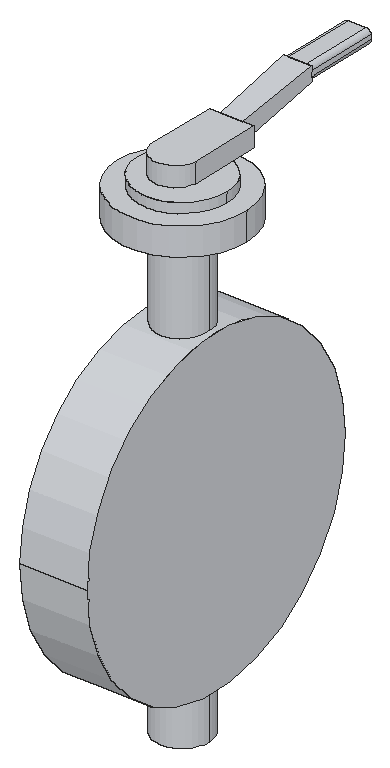
Revit family "HS497-68_disk-nerez_s pákou DN250-RFA_2018", category Pipe Accessories, Revit 2018
Family settings
  Round Connector Dimension = Use Diameter
  Part Type = Valve - Breaks Into
  Work Plane-Based = No
  Always vertical = Yes
  Cut with Voids When Loaded = No
  Shared = No
Parameters (values of type "HS 497-68_DN250_PN16_s pákou")
  magiProductId = ""
  magiProductFamilyId = "53cea81e6f374d17b8841d9c72ad77"
  magiPartTypeId = 305
  isMeasuringValve [instance] = no
  ang2D [instance] = 0.00°
  X11 = 88.77 mm
  X1 = 36.77 mm
  W2D = 1000 mm
  VersionID = "2.0/2017.9.26.1/ZETKAMA_497_001"
  Use Minimum Symbol Size [instance] = yes
  URL = "http://www.hydronic.cz"
  Type Comments = "mezipřírubová; nerezový disk; PN16; -10~+110°C (krátkodobě +120°C)"
  SW30 = no
  SW3 = no
  SW21 = no
  SW20 = yes
  SW2 = yes
  SW1 = no
  R = 125 mm
  QmdConnectorList = "301;D;302;D"
  Productdata [instance] = ""
  NC = 70 mm
  Manufacturer = "Hydronic Systems Prague s.r.o."
  MM20 = 36.77 mm
  MC Product Code = "121 250 (nerezový disk, s ákou; DN250; PN16, kvs4555)"
  M41 = 91.5 mm
  M4 = 61 mm
  LHL = 220 mm
  LHH3 = 2.45 mm
  LHH1 = 46.55 mm
  LH1 = 73.333 mm
  L4R__ve = -L4R  # -22.2 mm
  L4R = 22.2 mm
  L42__ve = -L42  # -166.5 mm
  L42 = 166.5 mm
  L41__ve = -L41  # -33.3 mm
  L41 = 33.3 mm
  L2D_Min = 3048 mm
  L2D = 216 mm
  L2 = 34 mm
  L1 = 54.4 mm
  L = 68 mm
  H = 23 mm
  G22 = 11.25 mm
  G2 = 22.5 mm
  G1 = 90 mm
  G = 130 mm
  F = 22 mm
  E44 = 62.5 mm
  E42 = 125 mm
  E4 = 250 mm
  E23 = 4.9 mm
  E22 = 19.6 mm
  E21 = 9.8 mm
  Description = "Mezipřírubová uzavírací klapka s pákou; nerezový disk, DN250; PN16; kvs4555"
  DR2 = 125 mm
  DR = 324 mm
  DD1 = 31.25 mm
  DD = 25 mm
  D = 250 mm
  CAT0 = yes
  B2__ve = -B2  # -85 mm
  B2 = 85 mm
  A2 = 28.25 mm
  A1 = 129.25 mm
Types (43, lengths in mm): name | magiProductId | X11 | X1 | Type Comments | SW30 | SW3 | SW20 | SW2 | SW1 | R | NC | Manufacturer | MM20 | MC Product Code | M41 | M4 | LHL | LHH3 | LHH1 | LH1 | L4R__ve | L4R | L42__ve | L42 | L41__ve | L41 | L2 | L1 | L | H | G | F | E44 | E42 | E4 | E23 | E22 | E21 | Description | DR2 | DR | DD1 | DD | D | B2__ve | B2 | A2 | A1
  HS 497-68_DN100_PN16_volné vřeteno | "65d1b245f4f142c78569c0602d5754" | 61.456 | 25.456 | "mezipřírubová; nerezový disk; PN16; -10~+110°C (krátkodobě +120°C)" | no | no | no | no | yes | 50 | 50 | "Hydronic Systems Prague s.r.o." | 25.456 | "124 100 (nerezový disk, s volným vřetenem; DN100; PN16, kvs512)" | 66 | 44 | 220 | 2.45 | 46.55 | 73.333 | -12.8 | 12.8 | -96 | 96 | -19.2 | 19.2 | 26 | 41.6 | 52 | 30 | 90 | 11 | 31.25 | 62.5 | 125 | 4.9 | 19.6 | 9.8 | "Mezipřírubová uzavírací klapka s volným vřetenem; nerezový disk, DN100; PN16; kvs512" | 50 | 147 | 15.625 | 12.5 | 100 | -56 | 56 | 16.5 | 98.5
  HS 497-68_DN100_PN16_převodové kolo | "11e91b807e674d428c8e796fcdcfe2" | 61.456 | 25.456 | "mezipřírubová; nerezový disk; PN16; -10~+110°C (krátkodobě +120°C)" | yes | yes | no | no | no | 50 | 50 | "Hydronic Systems Prague s.r.o." | 25.456 | "126 100 (nerezový disk, s převodovým kolem; DN100; PN16, kvs512)" | 65.25 | 43.5 | 220 | 2.45 | 46.55 | 73.333 | -12.8 | 12.8 | -96 | 96 | -19.2 | 19.2 | 26 | 41.6 | 52 | 30 | 90 | 11 | 31.25 | 62.5 | 125 | 4.9 | 19.6 | 9.8 | "Mezipřírubová uzavírací klapka s převodovým kolem; nerezový disk, DN100; PN16; kvs512" | 50 | 147 | 15.625 | 12.5 | 100 | -56 | 56 | 16.5 | 98.5
  HS 497-68_DN100_PN16_s pákou | "28172f0b3f4b47b28323ac71cf8749" | 61.456 | 25.456 | "mezipřírubová; nerezový disk; PN16; -10~+110°C (krátkodobě +120°C)" | no | no | yes | yes | no | 50 | 50 | "Hydronic Systems Prague s.r.o." | 25.456 | "121 100 (nerezový disk, s pákou; DN100; PN16, kvs512)" | 66 | 44 | 260 | 3 | 57 | 86.667 | -12.8 | 12.8 | -96 | 96 | -19.2 | 19.2 | 26 | 41.6 | 52 | 30 | 90 | 11 | 31.25 | 62.5 | 125 | 6 | 24 | 12 | "Mezipřírubová uzavírací klapka s pákou; nerezový disk, DN100; PN16; kvs512" | 50 | 147 | 15.625 | 12.5 | 100 | -56 | 56 | 16.5 | 98.5
  HS 497-68_DN125_PN16_volné vřeteno | "0d813d910fc14f628bb3c2efbd185c" | 61.456 | 25.456 | "mezipřírubová; nerezový disk; PN16; -10~+110°C (krátkodobě +120°C)" | no | no | no | no | yes | 62.5 | 50 | "Hydronic Systems Prague s.r.o." | 25.456 | "124 125 (nerezový disk, s volným vřetenem; DN125; PN16, kvs872)" | 66 | 44 | 220 | 2.45 | 46.55 | 73.333 | -12.8 | 12.8 | -96 | 96 | -19.2 | 19.2 | 28 | 44.8 | 56 | 33 | 90 | 14 | 31.25 | 62.5 | 125 | 4.9 | 19.6 | 9.8 | "Mezipřírubová uzavírací klapka s volným vřetenem; nerezový disk, DN125; PN16; kvs872" | 62.5 | 180 | 15.625 | 12.5 | 125 | -64 | 64 | 18 | 99.5
  HS 497-68_DN125_PN16_převodové kolo | "c56b7c13f372467684996fb1e0e229" | 61.456 | 25.456 | "mezipřírubová; nerezový disk; PN16; -10~+110°C (krátkodobě +120°C)" | yes | yes | no | no | no | 62.5 | 50 | "Hydronic Systems Prague s.r.o." | 25.456 | "126125 (nerezový disk, s převodovým kolem; DN125; PN16, kvs872)" | 65.25 | 43.5 | 220 | 2.45 | 46.55 | 73.333 | -13.5 | 13.5 | -101.25 | 101.25 | -20.25 | 20.25 | 28 | 44.8 | 56 | 33 | 90 | 14 | 40 | 80 | 160 | 4.9 | 19.6 | 9.8 | "Mezipřírubová uzavírací klapka s převodovým kolem; nerezový disk, DN125; PN16; kvs872" | 62.5 | 180 | 20 | 16 | 125 | -64 | 64 | 18 | 99.5
  HS 497-68_DN125_PN16_s pákou | "105993c79a91492399feef7931321a" | 61.456 | 25.456 | "mezipřírubová; nerezový disk; PN16; -10~+110°C (krátkodobě +120°C)" | no | no | yes | yes | no | 62.5 | 50 | "Hydronic Systems Prague s.r.o." | 25.456 | "121 125 (nerezový disk, s pákou; DN125; PN16, kvs872)" | 66 | 44 | 315 | 3.75 | 71.25 | 105 | -12.8 | 12.8 | -96 | 96 | -19.2 | 19.2 | 28 | 44.8 | 56 | 33 | 90 | 14 | 31.25 | 62.5 | 125 | 7.5 | 30 | 15 | "Mezipřírubová uzavírací klapka s pákou; nerezový disk, DN125; PN16; kvs872" | 62.5 | 180 | 15.625 | 12.5 | 125 | -64 | 64 | 18 | 99.5
  HS 497-68_DN150_PN16_volné vřeteno | "50c80cb8ab434f55ab7796e5ac1331" | 61.456 | 25.456 | "mezipřírubová; nerezový disk; PN16; -10~+110°C (krátkodobě +120°C)" | no | no | no | no | yes | 75 | 50 | "Hydronic Systems Prague s.r.o." | 25.456 | "124 150 (nerezový disk, s volným vřetenem; DN150; PN16, kvs1347)" | 66 | 44 | 220 | 2.45 | 46.55 | 73.333 | -12.8 | 12.8 | -96 | 96 | -19.2 | 19.2 | 28 | 44.8 | 56 | 33 | 90 | 14 | 31.25 | 62.5 | 125 | 4.9 | 19.6 | 9.8 | "Mezipřírubová uzavírací klapka s volným vřetenem; nerezový disk, DN150; PN16; kvs1347" | 75 | 206 | 15.625 | 12.5 | 150 | -58 | 58 | 19.3 | 98.7
  HS 497-68_DN150_PN16_převodové kolo | "d94a1a0cf83b476eb10011b327f709" | 61.456 | 25.456 | "mezipřírubová; nerezový disk; PN16; -10~+110°C (krátkodobě +120°C)" | yes | yes | no | no | no | 75 | 50 | "Hydronic Systems Prague s.r.o." | 25.456 | "126 150 (nerezový disk, s převodovým kolem; DN150; PN16, kvs1347)" | 65.25 | 43.5 | 220 | 2.45 | 46.55 | 73.333 | -13.5 | 13.5 | -101.25 | 101.25 | -20.25 | 20.25 | 28 | 44.8 | 56 | 33 | 90 | 14 | 40 | 80 | 160 | 4.9 | 19.6 | 9.8 | "Mezipřírubová uzavírací klapka s převodovým kolem; nerezový disk, DN150; PN16; kvs1347" | 75 | 206 | 20 | 16 | 150 | -58 | 58 | 19.3 | 98.7
  HS 497-68_DN150_PN16_s pákou | "4d2835523fe84828bc50ff0a5a0dfb" | 61.456 | 25.456 | "mezipřírubová; nerezový disk; PN16; -10~+110°C (krátkodobě +120°C)" | no | no | yes | yes | no | 75 | 50 | "Hydronic Systems Prague s.r.o." | 25.456 | "121 150 (nerezový disk, s pákou; DN150; PN16, kvs1347)" | 66 | 44 | 315 | 3.75 | 71.25 | 105 | -12.8 | 12.8 | -96 | 96 | -19.2 | 19.2 | 28 | 44.8 | 56 | 33 | 90 | 14 | 31.25 | 62.5 | 125 | 7.5 | 30 | 15 | "Mezipřírubová uzavírací klapka s pákou; nerezový disk, DN150; PN16; kvs1347" | 75 | 206 | 15.625 | 12.5 | 150 | -58 | 58 | 19.3 | 98.7
  HS 497-68_DN200_PN16_volné vřeteno | "5b29029eaeba47139ee1055a4b9201" | 61.456 | 25.456 | "mezipřírubová; nerezový disk; PN16; -10~+110°C (krátkodobě +120°C)" | no | no | no | no | yes | 100 | 50 | "Hydronic Systems Prague s.r.o." | 25.456 | "124 200 (nerezový disk, s volným vřetenem; DN200; PN16, kvs2675)" | 66 | 44 | 220 | 2.45 | 46.55 | 73.333 | -12.8 | 12.8 | -96 | 96 | -19.2 | 19.2 | 30 | 48 | 60 | 33 | 90 | 17 | 31.25 | 62.5 | 125 | 4.9 | 19.6 | 9.8 | "Mezipřírubová uzavírací klapka s volným vřetenem; nerezový disk, DN200; PN16; kvs2675" | 100 | 257 | 15.625 | 12.5 | 200 | -70 | 70 | 22.5 | 102.5
  HS 497-68_DN200_PN16_převodové kolo | "b2793cc1fcc44cf2a35062cd67c04f" | 61.456 | 25.456 | "mezipřírubová; nerezový disk; PN16; -10~+110°C (krátkodobě +120°C)" | yes | yes | no | no | no | 100 | 57 | "Hydronic Systems Prague s.r.o." | 25.456 | "126 200 (nerezový disk, s převodovým kolem; DN200; PN16, kvs2675)" | 78.75 | 52.5 | 220 | 2.45 | 46.55 | 73.333 | -15.2 | 15.2 | -114 | 114 | -22.8 | 22.8 | 30 | 48 | 60 | 33 | 90 | 17 | 50 | 100 | 200 | 4.9 | 19.6 | 9.8 | "Mezipřírubová uzavírací klapka s převodovým kolem; nerezový disk, DN200; PN16; kvs2675" | 100 | 257 | 25 | 20 | 200 | -70 | 70 | 22.5 | 102.5
  HS 497-68_DN200_PN16_s pákou | "f88d96c7af224537a51e72d7d8fffe" | 61.456 | 25.456 | "mezipřírubová; nerezový disk; PN16; -10~+110°C (krátkodobě +120°C)" | no | no | yes | yes | no | 100 | 50 | "Hydronic Systems Prague s.r.o." | 25.456 | "121 200 (nerezový disk, s pákou; DN200; PN16, kvs2675)" | 66 | 44 | 315 | 3.75 | 71.25 | 105 | -12.8 | 12.8 | -96 | 96 | -19.2 | 19.2 | 30 | 48 | 60 | 33 | 90 | 17 | 31.25 | 62.5 | 125 | 7.5 | 30 | 15 | "Mezipřírubová uzavírací klapka s pákou; nerezový disk, DN200; PN16; kvs2675" | 100 | 257 | 15.625 | 12.5 | 200 | -70 | 70 | 22.5 | 102.5
  HS 497-68_DN250_PN16_volné vřeteno | "b662e8305ca2402b9c510e66e6aa55" | 88.77 | 36.77 | "mezipřírubová; nerezový disk; PN16; -10~+110°C (krátkodobě +120°C)" | no | no | no | no | yes | 125 | 50 | "Hydronic Systems Prague s.r.o." | 36.77 | "124 250 (nerezový disk, s volným vřetenem; DN250; PN16, kvs4555)" | 66 | 44 | 220 | 2.45 | 46.55 | 73.333 | -12.8 | 12.8 | -96 | 96 | -19.2 | 19.2 | 34 | 54.4 | 68 | 23 | 130 | 22 | 31.25 | 62.5 | 125 | 4.9 | 19.6 | 9.8 | "Mezipřírubová uzavírací klapka s volným vřetenem; nerezový disk, DN250; PN16; kvs4555" | 125 | 324 | 15.625 | 12.5 | 250 | -85 | 85 | 28.25 | 129.25
  HS 497-68_DN250_PN16_převodové kolo | "5ee9016806664ddfaa2632711f295c" | 88.77 | 36.77 | "mezipřírubová; nerezový disk; PN16; -10~+110°C (krátkodobě +120°C)" | yes | yes | no | no | no | 125 | 70 | "Hydronic Systems Prague s.r.o." | 36.77 | "126 250 (nerezový disk, s převodovým kolem; DN250; PN16, kvs4555)" | 91.5 | 61 | 220 | 2.45 | 46.55 | 73.333 | -22.2 | 22.2 | -166.5 | 166.5 | -33.3 | 33.3 | 34 | 54.4 | 68 | 23 | 130 | 22 | 62.5 | 125 | 250 | 4.9 | 19.6 | 9.8 | "Mezipřírubová uzavírací klapka s převodovým kolem; nerezový disk, DN250; PN16; kvs4555" | 125 | 324 | 31.25 | 25 | 250 | -85 | 85 | 28.25 | 129.25
  HS 497-68_DN300_PN16_volné vřeteno | "e1886f51ff004380a649519258edf2" | 88.77 | 36.77 | "mezipřírubová; nerezový disk; PN16; -10~+110°C (krátkodobě +120°C)" | no | no | no | no | yes | 150 | 50 | "Hydronic Systems Prague s.r.o." | 36.77 | "124 300 (nerezový disk, s volným vřetenem; DN300; PN16, kvs7037)" | 66 | 44 | 220 | 2.45 | 46.55 | 73.333 | -12.8 | 12.8 | -96 | 96 | -19.2 | 19.2 | 39 | 62.4 | 78 | 23 | 130 | 22 | 31.25 | 62.5 | 125 | 4.9 | 19.6 | 9.8 | "Mezipřírubová uzavírací klapka s volným vřetenem; nerezový disk, DN300; PN16; kvs7037" | 150 | 376 | 15.625 | 12.5 | 300 | -90 | 90 | 30.8 | 127.2
  HS 497-68_DN300_PN16_převodové kolo | "6860f094f77d42088fbebc3c97f755" | 88.77 | 36.77 | "mezipřírubová; nerezový disk; PN16; -10~+110°C (krátkodobě +120°C)" | yes | yes | no | no | no | 150 | 70 | "Hydronic Systems Prague s.r.o." | 36.77 | "126 300 (nerezový disk, s převodovým kolem; DN300; PN16, kvs7037)" | 91.5 | 61 | 220 | 2.45 | 46.55 | 73.333 | -22.2 | 22.2 | -166.5 | 166.5 | -33.3 | 33.3 | 39 | 62.4 | 78 | 23 | 130 | 22 | 62.5 | 125 | 250 | 4.9 | 19.6 | 9.8 | "Mezipřírubová uzavírací klapka s převodovým kolem; nerezový disk, DN300; PN16; kvs7037" | 150 | 376 | 31.25 | 25 | 300 | -90 | 90 | 30.8 | 127.2
  HS 497-68_DN032_PN16_volné vřeteno | "8c5f65de52aa4067a77564107e31b2" | 61.456 | 25.456 | "mezipřírubová; nerezový disk; PN16; -10~+110°C (krátkodobě +120°C)" | no | no | no | no | yes | 16 | 50 | "Hydronic Systems Prague s.r.o." | 25.456 | "124 032 (nerezový disk, s volným vřetenem; DN32; PN16, kvs78)" | 66 | 44 | 220 | 2.45 | 46.55 | 73.333 | -12.8 | 12.8 | -96 | 96 | -19.2 | 19.2 | 16.5 | 26.4 | 33 | 30 | 90 | 11 | 31.25 | 62.5 | 125 | 4.9 | 19.6 | 9.8 | "Mezipřírubová uzavírací klapka s volným vřetenem; nerezový disk, DN32; PN16; kvs78" | 16 | 68 | 15.625 | 12.5 | 32 | -44.2 | 44.2 | 10.25 | 76.25
  HS 497-68_DN032_PN16_převodové kolo | "60aaeffa8b3a4e809ef000e4660060" | 61.456 | 25.456 | "mezipřírubová; nerezový disk; PN16; -10~+110°C (krátkodobě +120°C)" | yes | yes | no | no | no | 16 | 50 | "Hydronic Systems Prague s.r.o." | 25.456 | "126 032 (nerezový disk, s převodovým kolem; DN32; PN16, kvs78)" | 65.25 | 43.5 | 220 | 2.45 | 46.55 | 73.333 | -12.8 | 12.8 | -96 | 96 | -19.2 | 19.2 | 16.5 | 26.4 | 33 | 30 | 90 | 11 | 31.25 | 62.5 | 125 | 4.9 | 19.6 | 9.8 | "Mezipřírubová uzavírací klapka s převodovým kolem; nerezový disk, DN32; PN16; kvs78" | 16 | 68 | 15.625 | 12.5 | 32 | -44.2 | 44.2 | 10.25 | 76.25
  HS 497-68_DN032_PN16_s pákou | "9ad8088d610749a1b871aa2aad8007" | 61.456 | 25.456 | "mezipřírubová; nerezový disk; PN16; -10~+110°C (krátkodobě +120°C)" | no | no | yes | yes | no | 16 | 50 | "Hydronic Systems Prague s.r.o." | 25.456 | "121 032 (nerezový disk, s pákou; DN32; PN16, kvs78)" | 66 | 44 | 220 | 2.45 | 46.55 | 73.333 | -12.8 | 12.8 | -96 | 96 | -19.2 | 19.2 | 16.5 | 26.4 | 33 | 30 | 90 | 11 | 31.25 | 62.5 | 125 | 4.9 | 19.6 | 9.8 | "Mezipřírubová uzavírací klapka s pákou; nerezový disk, DN32; PN16; kvs78" | 16 | 68 | 15.625 | 12.5 | 32 | -44.2 | 44.2 | 10.25 | 76.25
  HS 497-68_DN350_PN10_volné vřeteno | "72a1e05f22944421b7e9596a877137" | 109.255 | 45.255 | "mezipřírubová; nerezový disk; PN10; -10~+110°C (krátkodobě +120°C)" | no | no | no | no | yes | 175 | 50 | "Hydronic Systems Prague s.r.o." | 45.255 | "124 350 (nerezový disk, s volným vřetenem; DN350; PN10, kvs10165)" | 66 | 44 | 220 | 2.45 | 46.55 | 73.333 | -12.8 | 12.8 | -96 | 96 | -19.2 | 19.2 | 39 | 62.4 | 78 | 31 | 160 | 22 | 31.25 | 62.5 | 125 | 4.9 | 19.6 | 9.8 | "Mezipřírubová uzavírací klapka s volným vřetenem; nerezový disk, DN350; PN10; kvs10165" | 175 | 430 | 15.625 | 12.5 | 350 | -88 | 88 | 33.85 | 129.65
  HS 497-68_DN350_PN10_převodové kolo | "a5a01426cb28494ba3afca92f1dace" | 109.255 | 45.255 | "mezipřírubová; nerezový disk; PN10; -10~+110°C (krátkodobě +120°C)" | yes | yes | no | no | no | 175 | 70 | "Hydronic Systems Prague s.r.o." | 45.255 | "126 350 (nerezový disk, s převodovým kolem; DN350; PN10, kvs10165)" | 91.5 | 61 | 220 | 2.45 | 46.55 | 73.333 | -22.2 | 22.2 | -166.5 | 166.5 | -33.3 | 33.3 | 39 | 62.4 | 78 | 31 | 160 | 22 | 62.5 | 125 | 250 | 4.9 | 19.6 | 9.8 | "Mezipřírubová uzavírací klapka s převodovým kolem; nerezový disk, DN350; PN10; kvs10165" | 175 | 430 | 31.25 | 25 | 350 | -88 | 88 | 33.85 | 129.65
  HS 497-68_DN400_PN10_volné vřeteno | "c70ebeb927c04ab99b176e257ad0a7" | 109.255 | 45.255 | "mezipřírubová; nerezový disk; PN10; -10~+110°C (krátkodobě +120°C)" | no | no | no | no | yes | 200 | 50 | "Hydronic Systems Prague s.r.o." | 45.255 | "124 400 (nerezový disk, s volným vřetenem; DN400; PN10, kvs13799)" | 66 | 44 | 220 | 2.45 | 46.55 | 73.333 | -12.8 | 12.8 | -96 | 96 | -19.2 | 19.2 | 51 | 81.6 | 102 | 31 | 160 | 27 | 31.25 | 62.5 | 125 | 4.9 | 19.6 | 9.8 | "Mezipřírubová uzavírací klapka s volným vřetenem; nerezový disk, DN400; PN10; kvs13799" | 200 | 485 | 15.625 | 12.5 | 400 | -108 | 108 | 38 | 142
  HS 497-68_DN400_PN10_převodové kolo | "cc64a4384dcb41b780d81810f4f293" | 109.255 | 45.255 | "mezipřírubová; nerezový disk; PN10; -10~+110°C (krátkodobě +120°C)" | yes | yes | no | no | no | 200 | 72.5 | "Hydronic Systems Prague s.r.o." | 45.255 | "126 400 (nerezový disk, s převodovým kolem; DN400; PN10, kvs13799)" | 103.5 | 69 | 220 | 2.45 | 46.55 | 73.333 | -27.8 | 27.8 | -208.5 | 208.5 | -41.7 | 41.7 | 51 | 81.6 | 102 | 31 | 160 | 27 | 75 | 150 | 300 | 4.9 | 19.6 | 9.8 | "Mezipřírubová uzavírací klapka s převodovým kolem; nerezový disk, DN400; PN10; kvs13799" | 200 | 485 | 37.5 | 30 | 400 | -108 | 108 | 38 | 142
  HS 497-68_DN040_PN16_volné vřeteno | "35f92312390745e88df5b5c325d9ee" | 61.456 | 25.456 | "mezipřírubová; nerezový disk; PN16; -10~+110°C (krátkodobě +120°C)" | no | no | no | no | yes | 20 | 50 | "Hydronic Systems Prague s.r.o." | 25.456 | "124 040 (nerezový disk, s volným vřetenem; DN40; PN16, kvs78)" | 66 | 44 | 220 | 2.45 | 46.55 | 73.333 | -12.8 | 12.8 | -96 | 96 | -19.2 | 19.2 | 16.5 | 26.4 | 33 | 30 | 90 | 11 | 31.25 | 62.5 | 125 | 4.9 | 19.6 | 9.8 | "Mezipřírubová uzavírací klapka s volným vřetenem; nerezový disk, DN40; PN16; kvs78" | 20 | 76 | 15.625 | 12.5 | 40 | -36 | 36 | 11 | 79
  HS 497-68_DN040_PN16_převodové kolo | "d88e968eae3445bc9b7b4e6ff35127" | 61.456 | 25.456 | "mezipřírubová; nerezový disk; PN16; -10~+110°C (krátkodobě +120°C)" | yes | yes | no | no | no | 20 | 50 | "Hydronic Systems Prague s.r.o." | 25.456 | "126 040 (nerezový disk, s převodovým kolem; DN40; PN16, kvs78)" | 65.25 | 43.5 | 220 | 2.45 | 46.55 | 73.333 | -12.8 | 12.8 | -96 | 96 | -19.2 | 19.2 | 16.5 | 26.4 | 33 | 30 | 90 | 11 | 31.25 | 62.5 | 125 | 4.9 | 19.6 | 9.8 | "Mezipřírubová uzavírací klapka s převodovým kolem; nerezový disk, DN40; PN16; kvs78" | 20 | 76 | 15.625 | 12.5 | 40 | -36 | 36 | 11 | 79
  HS 497-68_DN040_PN16_s pákou | "c1b522ca65b4407a98818f232eaacb" | 61.456 | 25.456 | "mezipřírubová; nerezový disk; PN16; -10~+110°C (krátkodobě +120°C)" | no | no | yes | yes | no | 20 | 50 | "Hydronic Systems Prague s.r.o." | 25.456 | "121 040 (nerezový disk, s pákou; DN40; PN16, kvs78)" | 66 | 44 | 220 | 2.45 | 46.55 | 73.333 | -12.8 | 12.8 | -96 | 96 | -19.2 | 19.2 | 16.5 | 26.4 | 33 | 30 | 90 | 11 | 31.25 | 62.5 | 125 | 4.9 | 19.6 | 9.8 | "Mezipřírubová uzavírací klapka s pákou; nerezový disk, DN40; PN16; kvs78" | 20 | 76 | 15.625 | 12.5 | 40 | -36 | 36 | 11 | 79
  HS 497-68_DN450_PN10_volné vřeteno | "a8358bc282f14872b3194e530e590a" | 129.74 | 53.74 | "mezipřírubová; nerezový disk; PN10; -10~+110°C (krátkodobě +120°C)" | no | no | no | no | yes | 225 | 50 | "Hydronic Systems Prague s.r.o." | 53.74 | "124 450 (nerezový disk, s volným vřetenem; DN450; PN10, kvs18514)" | 66 | 44 | 220 | 2.45 | 46.55 | 73.333 | -12.8 | 12.8 | -96 | 96 | -19.2 | 19.2 | 57 | 91.2 | 114 | 38 | 190 | 36 | 31.25 | 62.5 | 125 | 4.9 | 19.6 | 9.8 | "Mezipřírubová uzavírací klapka s volným vřetenem; nerezový, DN450; PN10; kvs18514" | 225 | 536 | 15.625 | 12.5 | 450 | -115 | 115 | 38.05 | 117.45
  HS 497-68_DN450_PN10_převodové kolo | "cdf2d80f54a9414f9cbe50647c0ebd" | 129.74 | 53.74 | "mezipřírubová; nerezový disk; PN10; -10~+110°C (krátkodobě +120°C)" | yes | yes | no | no | no | 225 | 91.5 | "Zetkama" | 53.74 | "126 450 (nerezový disk, s převodovým kolem; DN450; PN10, kvs18514)" | 144.75 | 96.5 | 220 | 2.45 | 46.55 | 73.333 | -32.1 | 32.1 | -240.75 | 240.75 | -48.15 | 48.15 | 57 | 91.2 | 114 | 38 | 190 | 36 | 100 | 200 | 400 | 4.9 | 19.6 | 9.8 | "Mezipřírubová uzavírací klapka s převodovým kolem; nerezový disk, DN450; PN10; kvs18514" | 225 | 536 | 50 | 40 | 450 | -115 | 115 | 38.05 | 117.45
  HS 497-68_DN500_PN10_volné vřeteno | "8c396e27bb2743f98f3c762b6517cd" | 143.397 | 59.397 | "mezipřírubová; nerezový disk; PN10; -10~+110°C (krátkodobě +120°C)" | no | no | no | no | yes | 250 | 50 | "Hydronic Systems Prague s.r.o." | 59.397 | "124 500 (nerezový disk, s volným vřetenem; DN500; PN10, kvs23805)" | 66 | 44 | 220 | 2.45 | 46.55 | 73.333 | -12.8 | 12.8 | -96 | 96 | -19.2 | 19.2 | 63.5 | 101.6 | 127 | 38 | 210 | 36 | 31.25 | 62.5 | 125 | 4.9 | 19.6 | 9.8 | "Mezipřírubová uzavírací klapka s volným vřetenem; nerezový disk, DN500; PN10; kvs23805" | 250 | 593 | 15.625 | 12.5 | 500 | -130 | 130 | 43.25 | 139.25
  HS 497-68_DN500_PN10_převodové kolo | "7647804f32e94cef828a7034a91a46" | 143.397 | 59.397 | "mezipřírubová; nerezový disk; PN10; -10~+110°C (krátkodobě +120°C)" | yes | yes | no | no | no | 250 | 91.5 | "Zetkama" | 59.397 | "126 500 (nerezový disk, s převodovým kolem; DN500; PN10, kvs23805)" | 144.75 | 96.5 | 220 | 2.45 | 46.55 | 73.333 | -32.1 | 32.1 | -240.75 | 240.75 | -48.15 | 48.15 | 63.5 | 101.6 | 127 | 38 | 210 | 36 | 100 | 200 | 400 | 4.9 | 19.6 | 9.8 | "Mezipřírubová uzavírací klapka s převodovým kolem; nerezový disk, DN500; PN10; kvs23805" | 250 | 593 | 50 | 40 | 500 | -130 | 130 | 43.25 | 139.25
  HS 497-68_DN050_volné vřeteno | "d71f296ecd6d4adf8f6e5d9853b4e0" | 61.456 | 25.456 | "mezipřírubová; nerezový disk; PN16; -10~+110°C (krátkodobě +120°C)" | no | no | no | no | yes | 25 | 50 | "Hydronic Systems Prague s.r.o." | 25.456 | "124 050 (nerezový disk, s volným vřetenem; DN50; PN16, kvs98)" | 66 | 44 | 220 | 2.45 | 46.55 | 73.333 | -12.8 | 12.8 | -96 | 96 | -19.2 | 19.2 | 21.5 | 34.4 | 43 | 30 | 90 | 11 | 31.25 | 62.5 | 125 | 4.9 | 19.6 | 9.8 | "Mezipřírubová uzavírací klapka s volným vřetenem; nerezový disk, DN50; PN16; kvs98" | 25 | 100 | 15.625 | 12.5 | 50 | -36.5 | 36.5 | 12 | 83
  HS 497-68_DN050_PN16_převodové kolo | "2fb080deeaed49c58418b94c1da5a4" | 61.456 | 25.456 | "mezipřírubová; nerezový disk; PN16; -10~+110°C (krátkodobě +120°C)" | yes | yes | no | no | no | 25 | 50 | "Hydronic Systems Prague s.r.o." | 25.456 | "126 050 (nerezový disk, s převodovým kolem; DN50; PN16, kvs98)" | 65.25 | 43.5 | 220 | 2.45 | 46.55 | 73.333 | -12.8 | 12.8 | -96 | 96 | -19.2 | 19.2 | 21.5 | 34.4 | 43 | 30 | 90 | 11 | 31.25 | 62.5 | 125 | 4.9 | 19.6 | 9.8 | "Mezipřírubová uzavírací klapka s převodovým kolem; nerezový disk, DN50; PN16; kvs98" | 25 | 100 | 15.625 | 12.5 | 50 | -36.5 | 36.5 | 12 | 83
  HS 497-68_DN050_PN16_s pákou | "dabc632061f94877a994b9b4e68112" | 61.456 | 25.456 | "mezipřírubová; nerezový disk; PN16; -10~+110°C (krátkodobě +120°C)" | no | no | yes | yes | no | 25 | 50 | "Hydronic Systems Prague s.r.o." | 25.456 | "121 050 (nerezový disk, s pákou; DN50; PN16, kvs98)" | 66 | 44 | 220 | 2.45 | 46.55 | 73.333 | -12.8 | 12.8 | -96 | 96 | -19.2 | 19.2 | 21.5 | 34.4 | 43 | 30 | 90 | 11 | 31.25 | 62.5 | 125 | 4.9 | 19.6 | 9.8 | "Mezipřírubová uzavírací klapka s pákou; nerezový disk, DN50; PN16; kvs98" | 25 | 100 | 15.625 | 12.5 | 50 | -36.5 | 36.5 | 12 | 83
  HS 497-68_DN600_PN10_volné vřeteno | "99d5892c14664fce81a7c5903f7711" | 143.397 | 59.397 | "mezipřírubová; nerezový disk; PN10; -10~+110°C (krátkodobě +120°C)" | no | no | no | no | yes | 300 | 50 | "Hydronic Systems Prague s.r.o." | 59.397 | "124 600 (nerezový disk, s volným vřetenem; DN600; PN10, kvs36778)" | 66 | 44 | 220 | 2.45 | 46.55 | 73.333 | -12.8 | 12.8 | -96 | 96 | -19.2 | 19.2 | 77 | 123.2 | 154 | 80 | 210 | 60 | 31.25 | 62.5 | 125 | 4.9 | 19.6 | 9.8 | "Mezipřírubová uzavírací klapka s volným vřetenem; nerezový disk, DN600; PN10; kvs36788" | 300 | 690 | 15.625 | 12.5 | 600 | -140 | 140 | 49.4 | 144.6
  HS 497-68_DN600_PN10_převodové kolo | "b1e26faab48a4c499f6bb11e7e3002" | 143.397 | 59.397 | "mezipřírubová; lnerezový disk; PN10; -10~+110°C (krátkodobě +120°C)" | yes | yes | no | no | no | 300 | 140 | "Hydronic Systems Prague s.r.o." | 59.397 | "126 600 (nerezový disk, s převodovým kolem; DN600; PN10, kvs36778)" | 206.25 | 137.5 | 220 | 2.45 | 46.55 | 73.333 | -40.8 | 40.8 | -306 | 306 | -61.2 | 61.2 | 77 | 123.2 | 154 | 80 | 210 | 60 | 125 | 250 | 500 | 4.9 | 19.6 | 9.8 | "Mezipřírubová uzavírací klapka s převodovým kolem; nerezový disk, DN600; PN10; kvs36788" | 300 | 690 | 62.5 | 50 | 600 | -140 | 140 | 49.4 | 144.6
  HS 497-68_DN065_PN16_volné vřeteno | "5e5e208646e34ec29f889baab5d08e" | 61.456 | 25.456 | "mezipřírubová; lnerezový disk; PN16; -10~+110°C (krátkodobě +120°C)" | no | no | no | no | yes | 32.5 | 50 | "Hydronic Systems Prague s.r.o." | 25.456 | "124 065 (nerezový disk, s volným vřetenem; DN65; PN16, kvs167)" | 66 | 44 | 220 | 2.45 | 46.55 | 73.333 | -12.8 | 12.8 | -96 | 96 | -19.2 | 19.2 | 23 | 36.8 | 46 | 30 | 90 | 11 | 31.25 | 62.5 | 125 | 4.9 | 19.6 | 9.8 | "Mezipřírubová uzavírací klapka s volným vřetenem; nerezový disk, DN65; PN16; kv167" | 32.5 | 108 | 15.625 | 12.5 | 65 | -36.5 | 36.5 | 13.5 | 89
  HS 497-68_DN065_PN16_převodové kolo | "654d74c8d15540b0bfe523d988ccb3" | 61.456 | 25.456 | "mezipřírubová; nerezový disk; PN16; -10~+110°C (krátkodobě +120°C)" | yes | yes | no | no | no | 32.5 | 50 | "Hydronic Systems Prague s.r.o." | 25.456 | "126 065 (nerezový disk, s převodovým kolem; DN65; PN16, kvs167)" | 65.25 | 43.5 | 220 | 2.45 | 46.55 | 73.333 | -12.8 | 12.8 | -96 | 96 | -19.2 | 19.2 | 23 | 36.8 | 46 | 30 | 90 | 11 | 31.25 | 62.5 | 125 | 4.9 | 19.6 | 9.8 | "Mezipřírubová uzavírací klapka s převodovým kolem; nerezový disk, DN65; PN16; kvs167" | 32.5 | 108 | 15.625 | 12.5 | 65 | -36.5 | 36.5 | 13.5 | 89
  HS 497-68_DN065_PN16_s pákou | "ebeb4b59db0641caaf6d6635ab37b9" | 61.456 | 25.456 | "mezipřírubová; nerezový disk; PN16; -10~+110°C (krátkodobě +120°C)" | no | no | yes | yes | no | 32.5 | 50 | "Hydronic Systems Prague s.r.o." | 25.456 | "121 065 (nerezový disk, s pákou; DN65; PN16, kvs167)" | 66 | 44 | 220 | 2.45 | 46.55 | 73.333 | -12.8 | 12.8 | -96 | 96 | -19.2 | 19.2 | 23 | 36.8 | 46 | 30 | 90 | 11 | 31.25 | 62.5 | 125 | 4.9 | 19.6 | 9.8 | "Mezipřírubová uzavírací klapka s pákou; nerezový disk, DN65; PN16; kvs167" | 32.5 | 108 | 15.625 | 12.5 | 65 | -36.5 | 36.5 | 13.5 | 89
  HS 497-68_DN080_PN16_volné vřeteno | "9e85c75c18654e1185a9c48ed6b00e" | 61.456 | 25.456 | "mezipřírubová; nerezový disk; PN16; -10~+110°C (krátkodobě +120°C)" | no | no | no | no | yes | 40 | 50 | "Hydronic Systems Prague s.r.o." | 25.456 | "124 080 (nerezový disk, s volným vřetenem; DN80; PN16, kvs258)" | 66 | 44 | 220 | 2.45 | 46.55 | 73.333 | -12.8 | 12.8 | -96 | 96 | -19.2 | 19.2 | 23 | 36.8 | 46 | 30 | 90 | 11 | 31.25 | 62.5 | 125 | 4.9 | 19.6 | 9.8 | "Mezipřírubová uzavírací klapka s volným vřetenem; nerezový disk, DN80; PN16; kvs258" | 40 | 124 | 15.625 | 12.5 | 80 | -54 | 54 | 14.1 | 86.9
  HS 497-68_DN080_PN16_převodové kolo | "5b3c8238c3d041e68c75b199e7ea46" | 61.456 | 25.456 | "mezipřírubová; nerezový disk; PN16; -10~+110°C (krátkodobě +120°C)" | yes | yes | no | no | no | 40 | 50 | "Hydronic Systems Prague s.r.o." | 25.456 | "126 080 (nerezový disk, s převodovým kolem; DN80; PN16, kvs258)" | 65.25 | 43.5 | 220 | 2.45 | 46.55 | 73.333 | -12.8 | 12.8 | -96 | 96 | -19.2 | 19.2 | 23 | 36.8 | 46 | 30 | 90 | 11 | 31.25 | 62.5 | 125 | 4.9 | 19.6 | 9.8 | "Mezipřírubová uzavírací klapka s převodovým kolem; nerezový disk, DN80; PN16; kvs258" | 40 | 124 | 15.625 | 12.5 | 80 | -54 | 54 | 14.1 | 86.9
  HS 497-68_DN080_PN16_s pákou | "e414795fab0f4eccb99bc3572c5477" | 61.456 | 25.456 | "mezipřírubová; nerezový disk; PN16; -10~+110°C (krátkodobě +120°C)" | no | no | yes | yes | no | 40 | 50 | "Hydronic Systems Prague s.r.o." | 25.456 | "121 080 (nerezový disk, s pákou; DN80; PN16, kvs258)" | 66 | 44 | 260 | 3 | 57 | 86.667 | -12.8 | 12.8 | -96 | 96 | -19.2 | 19.2 | 23 | 36.8 | 46 | 30 | 90 | 11 | 31.25 | 62.5 | 125 | 6 | 24 | 12 | "Mezipřírubová uzavírací klapka s pákou; nerezový disk, DN80; PN16; kvs258" | 40 | 124 | 15.625 | 12.5 | 80 | -54 | 54 | 14.1 | 86.9
  HS 497-68_DN250_PN16_s pákou | "" | 88.77 | 36.77 | "mezipřírubová; nerezový disk; PN16; -10~+110°C (krátkodobě +120°C)" | no | no | yes | yes | no | 125 | 70 | "Hydronic Systems Prague s.r.o." | 36.77 | "121 250 (nerezový disk, s ákou; DN250; PN16, kvs4555)" | 91.5 | 61 | 220 | 2.45 | 46.55 | 73.333 | -22.2 | 22.2 | -166.5 | 166.5 | -33.3 | 33.3 | 34 | 54.4 | 68 | 23 | 130 | 22 | 62.5 | 125 | 250 | 4.9 | 19.6 | 9.8 | "Mezipřírubová uzavírací klapka s pákou; nerezový disk, DN250; PN16; kvs4555" | 125 | 324 | 31.25 | 25 | 250 | -85 | 85 | 28.25 | 129.25
  HS 497-68_DN300_PN16_s pákou | "" | 88.77 | 36.77 | "mezipřírubová; nerezový disk; PN16; -10~+110°C (krátkodobě +120°C)" | no | no | yes | yes | no | 150 | 70 | "Hydronic Systems Prague s.r.o." | 36.77 | "121 300 (nerezový disk, s pákou; DN300; PN16, kvs7037)" | 91.5 | 61 | 220 | 2.45 | 46.55 | 73.333 | -22.2 | 22.2 | -166.5 | 166.5 | -33.3 | 33.3 | 39 | 62.4 | 78 | 23 | 130 | 22 | 62.5 | 125 | 250 | 4.9 | 19.6 | 9.8 | "Mezipřírubová uzavírací klapka s pákou; nerezový disk, DN300; PN16; kvs7037" | 150 | 376 | 31.25 | 25 | 300 | -90 | 90 | 30.8 | 127.2
Reference planes
  plane 1 "Center (Front/Back)": y = 0
  plane 2 "XYPLANE": z = 0
  plane 3 "Center (Left/Right)": x = 0
  plane 4 "473": x = -36.77
  plane 5 "472": x = -91.5
  plane 6 "471": y = -36.77
  plane 7 "470": y = 36.77
  plane 8 "469": x = -61
  plane 9 "468": y = -199.8
  plane 10 "467": y = -166.5
  plane 11 "466": z = 345
  plane 12 "465": z = 329.05
  plane 13 "464": y = 145.417
  plane 14 "463": z = 319.25
  plane 15 "462": z = 302.1
  plane 16 "461": z = 311.9
  plane 17 "460": y = 72.083
  plane 18 "459": x = -11.25
  plane 19 "458": x = 11.25
  plane 20 "457": y = -6.25
  plane 21 "456": x = -17.5
  plane 22 "455": x = 17.5
  plane 23 "454": z = 316.8
  plane 24 "453": y = 62.083
  plane 25 "452": y = -11.25
  plane 26 "451": x = -22.5
  plane 27 "450": x = 22.5
  plane 28 "449": z = 297.2
  plane 29 "448": z = 292.3
  plane 30 "447": z = -125
  plane 31 "446": z = 282.5
  plane 32 "445": z = 254.25
  plane 33 "444": z = 125
  plane 34 "443": x = 34
  plane 35 "442": x = -34
  plane 36 "441": z = 0
  plane 37 "440": y = 0
  plane 38 "439": x = 0
  plane 39 "438": z = 331.5
  plane 40 "437": z = 316.8
  plane 41 "436": x = 13.7
  plane 42 "435": x = -13.7
  plane 43 "434": y = 220
Forms (mm)
  Extrusion 1, solid, visible <- "SW3"
    sketch origin (-750, 0, 282.5) x (1, 0, 0) y (0, 1, 0)
      loop
        line (658.5, 36.77) -> (658.5, -36.77) -> (713.23, -36.77)
        arc (713.23, -36.77) -> (802, 0) -> (713.23, 36.77) r 52
        line (713.23, 36.77) -> (658.5, 36.77)
    from 0 to 125 <- "E42"
  Extrusion 2, solid, visible <- "SW30"
    sketch origin (0, -750, 0) x (0, 1, 0) y (0, 0, 1)
      loop
        circle (750, 345) r 15.625
    from 0 to 70 <- "NC"
  Extrusion 3, solid, visible <- "SW30"
    sketch origin (750, -199.8, 0) x (-1, 0, 0) y (0, 0, 1)
      loop
        circle (811, 345) r 125
    from 0 to -22.2 <- "L4R__ve"
  Extrusion 4, solid, visible <- "SW3"
    sketch origin (750, -166.5, 0) x (-1, 0, 0) y (0, 0, 1)
      loop
        circle (811, 345) r 15.625
    from 0 to -33.3 <- "L41__ve"
  Extrusion 5, solid, visible <- "SW30"
    sketch origin (750, 0, 0) x (-1, 0, 0) y (0, 0, 1)
      loop
        circle (811, 345) r 12.5
    from 0 to -166.5 <- "L42__ve"
  Blend 6, solid, visible <- "SW21"
    base sketch origin (750, 72.083, 0) x (-1, 0, 0) y (0, 0, 1)
      loop
        line (761.25, 311.9) -> (738.75, 311.9) -> (738.75, 302.1) -> (761.25, 302.1) -> (761.25, 311.9)
    top sketch origin (750, 72.083, 0) x (-1, 0, 0) y (0, 0, 1)
      loop
        line (761.25, 329.05) -> (738.75, 329.05) -> (738.75, 319.25) -> (761.25, 319.25) -> (761.25, 329.05)
    from 0 to 73.333
  Blend 7, solid, visible <- "SW21"
    base sketch origin (750, 62.083, 0) x (-1, 0, 0) y (0, 0, 1)
      loop
        line (761.25, 316.8) -> (738.75, 316.8) -> (738.75, 297.2) -> (761.25, 297.2) -> (761.25, 316.8)
    top sketch origin (750, 62.083, 0) x (-1, 0, 0) y (0, 0, 1)
      loop
        line (761.25, 311.9) -> (738.75, 311.9) -> (738.75, 302.1) -> (761.25, 302.1) -> (761.25, 311.9)
    from 0 to 10
  Blend 8, solid, visible <- "SW21"
    base sketch origin (-750, 0, 297.2) x (1, 0, 0) y (0, 1, 0)
      loop
        line (772.5, 62.083) -> (727.5, 62.083) -> (727.5, -11.25)
        arc (727.5, -11.25) -> (750, -31.25) -> (772.5, -11.25) r 22.656
        line (772.5, -11.25) -> (772.5, 62.083)
    top sketch origin (-750, 0, 297.2) x (1, 0, 0) y (0, 1, 0)
      loop
        line (767.5, 62.083) -> (732.5, 62.083) -> (732.5, -6.25)
        arc (732.5, -6.25) -> (750, -26.25) -> (767.5, -6.25) r 17.656
        line (767.5, -6.25) -> (767.5, 62.083)
    from 0 to 19.6
  Extrusion 9, solid, visible <- "SW2"
    sketch origin (-750, 0, 292.3) x (1, 0, 0) y (0, 1, 0)
      loop
        circle (750, 0) r 11.25
    from 0 to 4.9 <- "E23"
  Extrusion 10, solid, visible <- "SW2"
    sketch origin (-750, 0, 282.5) x (1, 0, 0) y (0, 1, 0)
      loop
        circle (750, 0) r 45
    from 0 to 9.8 <- "E21"
  Extrusion 11, solid, visible <- "CAT0"
    sketch origin (-750, 0, -125) x (1, 0, 0) y (0, 1, 0)
      loop
        circle (750, 0) r 27.2
    from 0 to -85 <- "B2__ve"
  Extrusion 12, solid, visible <- "CAT0"
    sketch origin (-750, 0, 254.25) x (1, 0, 0) y (0, 1, 0)
      loop
        circle (750, 0) r 65
    from 0 to 28.25 <- "A2"
  Extrusion 13, solid, visible <- "CAT0"
    sketch origin (-750, 0, 125) x (1, 0, 0) y (0, 1, 0)
      loop
        circle (750, 0) r 27.2
    from 0 to 129.25 <- "A1"
  Extrusion 14, solid, visible <- "CAT0"
    sketch origin (-34, -750, 0) x (0, 1, 0) y (0, 0, 1)
      loop
        circle (750, 0) r 162
    from 0 to 68 <- "L"
  Extrusion 15, solid, visible <- "SW1"
    sketch origin (-750, 0, 282.5) x (1, 0, 0) y (0, 1, 0)
      loop
        line (761, 11) -> (739, 11) -> (739, -11) -> (761, -11) -> (761, 11)
    from 0 to 23 <- "H"
  Blend 16, solid, visible <- "SW2"
    base sketch origin (750, 145.417, 0) x (-1, 0, 0) y (0, 0, 1)
      loop
        arc (763.7, 326.5) -> (762.236, 330.036) -> (758.7, 331.5) r 5
        line (758.7, 331.5) -> (741.3, 331.5)
        arc (741.3, 331.5) -> (737.764, 330.036) -> (736.3, 326.5) r 5
        line (736.3, 326.5) -> (736.3, 321.8)
        arc (736.3, 321.8) -> (737.764, 318.264) -> (741.3, 316.8) r 5
        line (741.3, 316.8) -> (758.7, 316.8)
        arc (758.7, 316.8) -> (762.236, 318.264) -> (763.7, 321.8) r 5
        line (763.7, 321.8) -> (763.7, 326.5)
    top sketch origin (750, 145.417, 0) x (-1, 0, 0) y (0, 0, 1)
      loop
        arc (763.7, 326.5) -> (762.236, 330.036) -> (758.7, 331.5) r 5
        line (758.7, 331.5) -> (741.3, 331.5)
        arc (741.3, 331.5) -> (737.764, 330.036) -> (736.3, 326.5) r 5
        line (736.3, 326.5) -> (736.3, 321.8)
        arc (736.3, 321.8) -> (737.764, 318.264) -> (741.3, 316.8) r 5
        line (741.3, 316.8) -> (758.7, 316.8)
        arc (758.7, 316.8) -> (762.236, 318.264) -> (763.7, 321.8) r 5
        line (763.7, 321.8) -> (763.7, 326.5)
    from 0 to 74.583
  Blend 17, solid, visible <- "SW20"
    base sketch origin (750, 145.417, 0) x (-1, 0, 0) y (0, 0, 1)
      loop
        line (763.7, 331.5) -> (736.3, 331.5) -> (736.3, 316.8) -> (763.7, 316.8) -> (763.7, 331.5)
    top sketch origin (750, 145.417, 0) x (-1, 0, 0) y (0, 0, 1)
      loop
        line (761.25, 316.8) -> (738.75, 316.8) -> (738.75, 297.2) -> (761.25, 297.2) -> (761.25, 316.8)
    from 0 to -83.333
  Extrusion 18, solid, visible <- "SW20"
    sketch origin (-750, 0, 297.2) x (1, 0, 0) y (0, 1, 0)
      loop
        line (772.5, 62.083) -> (727.5, 62.083) -> (727.5, -11.25)
        arc (727.5, -11.25) -> (750, -31.25) -> (772.5, -11.25) r 22.656
        line (772.5, -11.25) -> (772.5, 62.083)
    from 0 to 19.6 <- "E22"
  Extrusion 19, solid, not visible
    sketch origin (-34, -750, 0) x (0, 1, 0) y (0, 0, 1)
      loop
        circle (750, 0) r 10
    from 0 to 10
  Extrusion 20, solid, not visible
    sketch origin (34, -750, 0) x (0, 1, 0) y (0, 0, 1)
      loop
        circle (750, 0) r 10
    from 0 to -10
Lines and regions (mm)
  reference lines, not visible
    curve 1: circle (2, 2, 0) r 1 normal (0, 0, 1)
  reference lines
    curve 2: line (-36.77, -36.77, 282.5) -> (-36.77, 36.77, 282.5)
    curve 3: line (-17.5, -6.25, 297.2) -> (17.5, -6.25, 297.2)
    curve 4: line (-22.5, -11.25, 297.2) -> (22.5, -11.25, 297.2)
    curve 5: circle (0, 0, 282.5) r 1 normal (0, 0, 1)
    curve 6: line (-22.5, -11.25, 297.2) -> (22.5, -11.25, 297.2)
Dimensions and locks
  plane 1 "Center (Front/Back)" to curve 1 = 2 mm
  "X1": plane 3 "Center (Left/Right)" to plane 4 "473"
  "M41": plane 3 "Center (Left/Right)" to plane 5 "472"
  "MM20": plane 1 "Center (Front/Back)" to plane 6 "471"
  "MM20": plane 1 "Center (Front/Back)" to plane 7 "470"
  "M4": plane 3 "Center (Left/Right)" to plane 8 "469"
  "L41": plane 10 "467" to plane 9 "468"
  "L42": plane 1 "Center (Front/Back)" to plane 10 "467"
  "E44": plane 31 "446" to plane 11 "466"
  "LHH1": plane 31 "446" to plane 12 "465"
  "LH1": plane 17 "460" to plane 13 "464"
  "E21": plane 12 "465" to plane 14 "463"
  "E21": plane 16 "461" to plane 15 "462"
  "E23": plane 23 "454" to plane 16 "461"
  locked: plane 24 "453" to plane 17 "460" at 10
  "G22": plane 3 "Center (Left/Right)" to plane 18 "459"
  "G22": plane 3 "Center (Left/Right)" to plane 19 "458"
  locked: plane 25 "452" to plane 20 "457" at 5
  locked: plane 26 "451" to plane 21 "456" at 5
  locked: plane 27 "450" to plane 22 "455" at 5
  "E22": plane 28 "449" to plane 23 "454"
  "LH1": plane 25 "452" to plane 24 "453"
  "G22": plane 1 "Center (Front/Back)" to plane 25 "452"
  "G2": plane 3 "Center (Left/Right)" to plane 26 "451"
  "G2": plane 3 "Center (Left/Right)" to plane 27 "450"
  "E23": plane 29 "448" to plane 28 "449"
  "E21": plane 31 "446" to plane 29 "448"
  "R": plane 2 "XYPLANE" to plane 30 "447"
  "A2": plane 32 "445" to plane 31 "446"
  "A1": plane 33 "444" to plane 32 "445"
  "DR2": plane 2 "XYPLANE" to plane 33 "444"
  "L2": plane 3 "Center (Left/Right)" to plane 34 "443"
  "L2": plane 3 "Center (Left/Right)" to plane 35 "442"
  locked: plane 2 "XYPLANE" to plane 36 "441"
  locked: plane 1 "Center (Front/Back)" to plane 37 "440"
  locked: plane 3 "Center (Left/Right)" to plane 38 "439"
  "LHH3": plane 12 "465" to plane 39 "438"
  "LHH3": plane 14 "463" to plane 40 "437"
  "LHH3": plane 19 "458" to plane 41 "436"
  "LHH3": plane 18 "459" to plane 42 "435"
  "LHL": plane 1 "Center (Front/Back)" to plane 43 "434"
  "X11": curve 2 to Extrusion 1 sketch curve
  Extrusion 1 sketch curve to Extrusion 1 sketch curve = 0 mm  (x8)
  Blend 6 sketch curve to Blend 6 sketch curve = 0 mm  (x16)
  Blend 7 sketch curve to Blend 7 sketch curve = 0 mm  (x16)
  Blend 8 sketch curve to Blend 8 sketch curve = 0 mm  (x16)
  equal spacing: Extrusion 15 sketch curve, curve 5, Extrusion 15 sketch curve  (x2)
  "F": Extrusion 15 sketch curve to Extrusion 15 sketch curve  (x2)
  Blend 16 sketch curve to Blend 16 sketch curve = 0 mm  (x32)
  Blend 17 sketch curve to Blend 17 sketch curve = 0 mm  (x16)
  Extrusion 18 sketch curve to Extrusion 18 sketch curve = 0 mm  (x8)
  "DD1": diameter of Extrusion 2 sketch curve
  "E4": diameter of Extrusion 3 sketch curve
  "DD1": diameter of Extrusion 4 sketch curve
  "DD": diameter of Extrusion 5 sketch curve
  "G2": diameter of Extrusion 9 sketch curve
  "G1": diameter of Extrusion 10 sketch curve
  "L1": diameter of Extrusion 11 sketch curve
  "G": diameter of Extrusion 12 sketch curve
  "L1": diameter of Extrusion 13 sketch curve
  "DR": diameter of Extrusion 14 sketch curve
  radius of Blend 16 sketch curve = 5 mm  (x8)
  aligned and locked: level to plane 2 "XYPLANE"
  aligned and locked: Extrusion 1 sketch curve to plane 5 "472"
  aligned and locked: plane 7 "470" to Extrusion 1 sketch curve
  aligned and locked: plane 6 "471" to Extrusion 1 sketch curve
  aligned and locked: plane 5 "472" to Extrusion 1 sketch curve
  aligned and locked: plane 4 "473" to Extrusion 1 sketch curve  (x2)
  aligned and locked: plane 4 "473" to curve 2
  aligned and locked: plane 6 "471" to curve 2
  aligned and locked: plane 7 "470" to curve 2
  aligned and locked: Extrusion 1 sketch curve to plane 7 "470"
  aligned and locked: plane 11 "466" to Extrusion 2 sketch curve
  aligned and locked: plane 37 "440" to Extrusion 2 sketch curve
  aligned and locked: plane 8 "469" to Extrusion 3 sketch curve
  aligned and locked: plane 11 "466" to Extrusion 3 sketch curve
  aligned and locked: plane 8 "469" to Extrusion 4 sketch curve
  aligned and locked: plane 11 "466" to Extrusion 4 sketch curve
  aligned and locked: plane 8 "469" to Extrusion 5 sketch curve
  aligned and locked: plane 11 "466" to Extrusion 5 sketch curve
  aligned and locked: plane 12 "465" to Blend 6 sketch curve  (x2)
  aligned and locked: plane 18 "459" to Blend 6 sketch curve  (x4)
  aligned and locked: plane 19 "458" to Blend 6 sketch curve  (x4)
  aligned and locked: plane 14 "463" to Blend 6 sketch curve  (x2)
  aligned and locked: plane 16 "461" to Blend 6 sketch curve  (x2)
  aligned and locked: plane 15 "462" to Blend 6 sketch curve  (x2)
  aligned and locked: plane 13 "464" to Blend 6
  aligned and locked: plane 16 "461" to Blend 7 sketch curve  (x2)
  aligned and locked: plane 18 "459" to Blend 7 sketch curve  (x4)
  aligned and locked: plane 19 "458" to Blend 7 sketch curve  (x4)
  aligned and locked: plane 15 "462" to Blend 7 sketch curve  (x2)
  aligned and locked: plane 23 "454" to Blend 7 sketch curve  (x2)
  aligned and locked: plane 28 "449" to Blend 7 sketch curve  (x2)
  aligned and locked: plane 17 "460" to Blend 7
  aligned and locked: plane 24 "453" to Blend 8 sketch curve  (x4)
  aligned and locked: plane 22 "455" to Blend 8 sketch curve  (x2)
  aligned and locked: plane 21 "456" to Blend 8 sketch curve
  aligned and locked: plane 20 "457" to Blend 8 sketch curve  (x2)
  aligned and locked: curve 3 to plane 20 "457"
  aligned and locked: plane 21 "456" to curve 3
  aligned and locked: plane 22 "455" to curve 3
  aligned and locked: plane 27 "450" to Blend 8 sketch curve  (x2)
  aligned and locked: plane 26 "451" to Blend 8 sketch curve
  aligned and locked: plane 25 "452" to Blend 8 sketch curve  (x2)
  aligned and locked: curve 4 to plane 25 "452"
  aligned and locked: plane 26 "451" to curve 4
  aligned and locked: plane 27 "450" to curve 4
  aligned and locked: plane 23 "454" to Blend 8
  aligned and locked: plane 37 "440" to Extrusion 9 sketch curve
  aligned and locked: plane 38 "439" to Extrusion 9 sketch curve
  aligned and locked: plane 37 "440" to Extrusion 10 sketch curve
  aligned and locked: plane 38 "439" to Extrusion 10 sketch curve
  aligned and locked: plane 37 "440" to Extrusion 11 sketch curve
  aligned and locked: plane 38 "439" to Extrusion 11 sketch curve
  aligned and locked: plane 37 "440" to Extrusion 12 sketch curve
  aligned and locked: plane 38 "439" to Extrusion 12 sketch curve
  aligned and locked: plane 37 "440" to Extrusion 13 sketch curve
  aligned and locked: plane 38 "439" to Extrusion 13 sketch curve
  aligned and locked: plane 36 "441" to Extrusion 14 sketch curve
  aligned and locked: Extrusion 14 sketch curve to plane 37 "440"
  aligned and locked: plane 37 "440" to curve 5
  aligned and locked: plane 38 "439" to curve 5
  aligned and locked: plane 39 "438" to Blend 16 sketch curve  (x2)
  aligned and locked: plane 41 "436" to Blend 16 sketch curve  (x2)
  aligned and locked: Blend 16 sketch curve to plane 40 "437"  (x2)
  aligned and locked: Blend 16 sketch curve to plane 42 "435"  (x2)
  aligned and locked: plane 43 "434" to Blend 16
  aligned and locked: plane 23 "454" to Blend 17 sketch curve  (x2)
  aligned and locked: plane 18 "459" to Blend 17 sketch curve  (x2)
  aligned and locked: plane 19 "458" to Blend 17 sketch curve  (x2)
  aligned and locked: plane 28 "449" to Blend 17 sketch curve  (x2)
  aligned and locked: plane 39 "438" to Blend 17 sketch curve  (x2)
  aligned and locked: plane 42 "435" to Blend 17 sketch curve  (x2)
  aligned and locked: plane 41 "436" to Blend 17 sketch curve  (x2)
  aligned and locked: plane 40 "437" to Blend 17 sketch curve  (x2)
  aligned and locked: Blend 17 to plane 24 "453"
  aligned and locked: plane 24 "453" to Extrusion 18 sketch curve  (x2)
  aligned and locked: plane 27 "450" to Extrusion 18 sketch curve  (x2)
  aligned and locked: plane 26 "451" to Extrusion 18 sketch curve
  aligned and locked: plane 25 "452" to Extrusion 18 sketch curve  (x2)
  aligned and locked: curve 6 to plane 25 "452"
  aligned and locked: plane 26 "451" to curve 6
  aligned and locked: plane 27 "450" to curve 6
  aligned and locked: plane 36 "441" to Extrusion 19 sketch curve
  aligned and locked: Extrusion 19 sketch curve to plane 37 "440"
  aligned and locked: plane 36 "441" to Extrusion 20 sketch curve
  aligned and locked: Extrusion 20 sketch curve to plane 37 "440"
Automatic sketch dimensions
  Blend 8 sketch curve to plane 20 "457" = 2.344 mm  (x2)
  Extrusion 18 sketch curve to plane 20 "457" = 2.344 mm
  plane 25 "452" to Extrusion 19 sketch curve = 1.25 mm
  plane 25 "452" to Extrusion 20 sketch curve = 1.25 mm
  plane 3 "Center (Left/Right)" to curve 1 = 2 mm
  Extrusion 15 sketch curve to plane 3 "Center (Left/Right)" = 11 mm
  Extrusion 15 sketch curve to plane 20 "457" = 4.75 mm
  radius of curve 5 = 1 mm
  radius of curve 1 = 1 mm
Connectors
  piping at (-34, 0, 0), diameter 250, driven by "D"
    settings: on Extrusion 19, index 1, connector inside diameter 609.6 mm, connector length 0 mm, flow factor 0, pipe flow 0.0 L/s, pressure drop 0.0 Pa, fitting loss kfactor 0, connector angle 0.00°, fixture units 0, engagement length 0 mm, angle of deflection 0.00°, flow configuration 0, flow direction 0, fitting loss method 0, system type 29, joint type 0, gender type 0, connector reference index 2, connector utility 0, adjustable connector no, is connector primary yes, connector description ""
  piping at (34, 0, 0), diameter 250, driven by "D"
    settings: on Extrusion 20, index 2, connector inside diameter 609.6 mm, connector length 0 mm, flow factor 0, pipe flow 0.0 L/s, pressure drop 0.0 Pa, fitting loss kfactor 0, connector angle 0.00°, fixture units 0, engagement length 0 mm, angle of deflection 0.00°, flow configuration 0, flow direction 0, fitting loss method 0, system type 29, joint type 0, gender type 0, connector reference index 1, connector utility 0, adjustable connector no, is connector primary no, connector description ""
